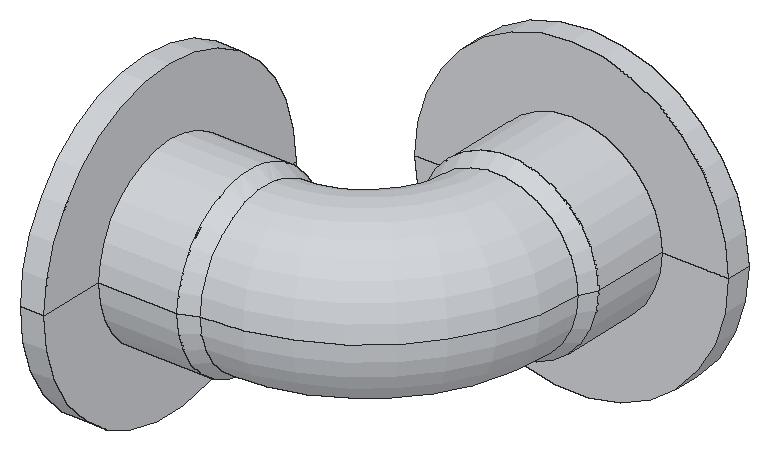
Revit family "9e881e3c852d4eee848a55ae0a176853", category Pipe Fittings, Revit 2021
Family settings
  Round Connector Dimension = Use Radius
  Part Type = Elbow
  OmniClass Number = 23.60.30.11.14
  OmniClass Title = Pipework Fittings
  Seek Item ID = Elbow - Threaded - MI - Class 300-0000-USA-ENU
  Work Plane-Based = No
  Always vertical = Yes
  Cut with Voids When Loaded = No
  Shared = No
Parameters (values of type "Standard")
  Tick Size [instance] = Fitting Outside Diameter * 0.4  # 1.5840"
  Socket Outside Radius [instance] = Socket Outside Diameter / 2  # 2.1750"
  Socket Outside Diameter [instance] = size_lookup(Lookup Table Name, "SOD", 1.08 * Nominal Diameter + 1.1200", Nominal Diameter)  # 4.3500"
  Socket Depth [instance] = if(Nominal Diameter < 14.0000", 2.5000", if(Nominal Diameter < 30.0000", 3.5000", 4.0000"))  # 2.5000"
  Lookup Table Name = "Bend Compact - MJ - DI - Class 350"
  Length 5 [instance] = Bevel Length + Socket Depth  # 2.8900"
  Length 3 [instance] = sin(Angle) * (Center to Socket Bottom + Socket Depth)  # 6.0000"
  Length 1 [instance] = Center to Socket Bottom - Bevel Length  # 3.1100"
  Lenght 2 [instance] = cos(Angle) * (Center to Socket Bottom + Socket Depth)  # 0.0000"
  Gland Width [instance] = size_lookup(Lookup Table Name, "GWid", 0.03 * Nominal Diameter + 0.9400", Nominal Diameter)  # 0.5800"
  Gland Outside Radius [instance] = Gland Outside Diameter / 2  # 3.8100"
  Gland Outside Diameter [instance] = size_lookup(Lookup Table Name, "GOD", 1.16 * Nominal Diameter + 4.0300", Nominal Diameter)  # 7.6200"
  Fitting Outside Radius [instance] = Fitting Outside Diameter / 2  # 1.9800"
  Fitting Outside Diameter [instance] = size_lookup(Lookup Table Name, "FOD", 1.04 * Nominal Diameter + 0.7000", Nominal Diameter)  # 3.9600"
  Nominal Radius [instance] = 1.5000"
  Nominal Diameter [instance] = Nominal Radius * 2  # 3.0000"
  Loss Method = K Coefficient from Table
  K Coefficient Table = "Long Radius Elbow"
  Default Elevation = 0.0000"
  Center to Socket Bottom [instance] = size_lookup(Lookup Table Name, "CtSB", Center to Socket Bottom Not Found, Nominal Diameter, Angle)  # 3.5000"
  Center to Socket Bottom Not Found [instance] = if(Angle < 11.25°, 0.1 * Nominal Diameter + 0.9000", if(Angle < 45.00°, 0.27 * Nominal Diameter + 0.9900", 0.68 * Nominal Diameter + 1.2500"))  # 3.2900"
  Center Radius [instance] = Length 1 / tan(Angle / 2)  # 3.1100"
  Bevel Length [instance] = size_lookup(Lookup Table Name, "BvLgt", 0.04 * Nominal Diameter + 0.4300", Nominal Diameter)  # 0.3900"
  Assembly Code = ""
  Angle [instance] = 90.00°
Reference planes (in)
  plane 1 "Center (Front/Back)": y = 0
  plane 2: z = 0
  plane 3 "Center (Left/Right)": x = 0
  plane 4: x = -3.11
  plane 5: x = -3.11
  plane 6: y = 3.11
  plane 7: y = 1.584
  plane 8: y = -1.584
  plane 9: x = 0
  plane 10: y = 6
  plane 11: x = -6
  plane 12: x = -5.42
  plane 13: y = 3.81
  plane 14: y = 2.175
  plane 15: y = 1.98
  plane 16: x = -3.5
Forms (in)
  Revolve 1, solid, detail levels fine
    sketch origin (0, 6, 0) x (0, -1, 0) y (1, 0, 0)
      loop
        line (0, 0) -> (0, -3.81) -> (0.58, -3.81) -> (0.58, -2.175) -> (2.5, -2.175) -> (2.89, -1.98) -> (2.89, 0) -> (0, 0)
      axis (0, 0) -> (2.89, 0)
    angle from 0 to 360
  Revolve 2, solid, detail levels fine
    sketch origin (0, 0, 0) x (1, 0, 0) y (0, 1, 0)
      loop
        line (-6, 0) -> (-3.11, 0) -> (-3.11, 1.98) -> (-3.5, 2.175) -> (-5.42, 2.175) -> (-5.42, 3.81) -> (-6, 3.81) -> (-6, 0)
      axis (-6, 0) -> (-3.11, 0)
    angle from 0 to 360
  Sweep 3, solid, detail levels fine
    path origin (0, 0, 0) x (1, 0, 0) y (0, 1, 0)
      loop
        arc (-3.11, 0) -> (-0.9109, 0.9109) -> (0, 3.11) r 3.11
    profile origin (-3.11, 0, 0) x (0, 1, 0) y (0, 0, 1)
      loop
        circle (0, 0) r 1.98
Cuts and joins
  joined: Revolve 1, Revolve 2, Sweep 3
Lines and regions (in)
  model lines, style "PipeFitting", detail levels coarse+medium
    curve 1: line (-6, 0, 0) -> (-3.11, 0, 0)
    curve 2: arc (-3.11, 0, 0) -> (-0.9109, 0.9109, 0) -> (0, 3.11, 0) r 3.11
    curve 6: line (0, 6, 0) -> (0, 3.11, 0)
  model lines, detail levels coarse+medium
    curve 3: line (-6, 0, 0) -> (-6, 1.584, 0)
    curve 4: line (-6, 0, 0) -> (-6, -1.584, 0)
    curve 7: line (1.584, 6, 0) -> (-1.584, 6, 0)
  reference lines, not visible
    curve 5: line (0, 6, 0) -> (0, -1.31472, 0)
Dimensions and locks (in)
  "Center Radius": plane 6 to plane 1 "Center (Front/Back)"
  "Tick Size": plane 7 to plane 1 "Center (Front/Back)"
  "Tick Size": plane 8 to plane 1 "Center (Front/Back)"
  "Socket Outside Radius": Revolve 1 sketch curve to Revolve 1 sketch curve
  "Gland Width": Revolve 1 sketch curve to Revolve 1 sketch curve
  "Fitting Outside Radius": Revolve 1 sketch curve to Revolve 1 sketch curve
  "Gland Outside Radius": Revolve 1 sketch curve to Revolve 1 sketch curve
  "Socket Depth": Revolve 1 sketch curve to Revolve 1 sketch curve
  "Length 1": plane 4 to plane 3 "Center (Left/Right)"
  "Length 3": plane 10 to plane 1 "Center (Front/Back)"
  "Gland Width": plane 11 to plane 12
  "Fitting Outside Radius": plane 15 to plane 1 "Center (Front/Back)"
  "Socket Outside Radius": plane 14 to plane 1 "Center (Front/Back)"
  "Gland Outside Radius": plane 13 to plane 1 "Center (Front/Back)"
  "Bevel Length": plane 16 to plane 5
  "Socket Depth": plane 11 to plane 16
  "Center to Socket Bottom": plane 16 to plane 3 "Center (Left/Right)"
  "Lenght 2": plane 3 "Center (Left/Right)" to plane 9
  "Length 5": Revolve 1 sketch curve to Revolve 1 sketch curve
  "Length 5": curve 6 to curve 6
  "Tick Size": curve 7 to curve 6
  "Tick Size": curve 6 to curve 7
  "Center Radius": radius of curve 2
  "Center Radius": radius of Sweep 3 sketch curve
  "Fitting Outside Radius": radius of Sweep 3 sketch curve
  "Angle": angle curve 2 to curve 2
  "Angle": angle plane 10 to curve 5
  "Angle": angle Sweep 3 sketch curve to Sweep 3 sketch curve
  locked: curve 6 to curve 7 (angle 90.00°)
  aligned and locked: plane 4 to curve 2
  aligned and locked: plane 7 to curve 3
  aligned and locked: plane 1 "Center (Front/Back)" to curve 4
  aligned and locked: plane 8 to curve 4
  aligned and locked: plane 9 to curve 5
  aligned and locked: plane 10 to curve 5
  aligned and locked: Revolve 1 sketch curve to curve 5
  aligned and locked: curve 4 to plane 11
  aligned and locked: plane 13 to Revolve 2 sketch curve
  aligned and locked: plane 11 to Revolve 2 sketch curve
  aligned and locked: Revolve 2 sketch curve to plane 12
  aligned and locked: plane 14 to Revolve 2 sketch curve
  aligned and locked: plane 16 to Revolve 2 sketch curve
  aligned and locked: Revolve 2 sketch curve to plane 5
  aligned and locked: plane 6 to Sweep 3 sketch curve
  aligned and locked: plane 5 to Sweep 3 sketch curve
  aligned and locked: curve 6 to curve 5
Automatic sketch dimensions
  plane 1 "Center (Front/Back)" to Revolve 2 sketch curve = 0.0000"  (x2)
  Revolve 2 sketch curve to plane 4 = 0.0000"
  Revolve 2 sketch curve to plane 11 = 0.7500"
  plane 15 to Revolve 2 sketch curve = 0.0000"
  Revolve 1 sketch curve to curve 5 = 0.0000"  (x2)
  Revolve 1 sketch curve to Revolve 1 sketch curve = 1.0000"
  Revolve 1 sketch curve to Revolve 1 sketch curve = 0.78127"
  Sweep 3 sketch curve to level = 0.0000"
  Sweep 3 sketch curve to profile plane = 0.0000"
Connectors (in)
  piping at (-6, 0, 0), diameter 3, driven by "Angle", driven by "Nominal Radius"
    settings: on Revolve 2, index 1, connector inside diameter 3.0000", connector length 0.0000", flow factor 0, pipe flow 0 GPM, pressure drop 0.00 psi, fitting loss kfactor 0, connector angle 90.00°, fixture units 0, engagement length 0.0000", angle of deflection 0.00°, flow configuration 0, flow direction 0, fitting loss method 0, system type 28, joint type 0, gender type 0, connector reference index 2, connector utility 0, adjustable connector no, is connector primary yes, connector description ""
  piping at (0, 6, 0), diameter 3, driven by "Angle", driven by "Nominal Radius"
    settings: on Revolve 1, index 2, connector inside diameter 3.0000", connector length 0.0000", flow factor 0, pipe flow 0 GPM, pressure drop 0.00 psi, fitting loss kfactor 0, connector angle 90.00°, fixture units 0, engagement length 0.0000", angle of deflection 0.00°, flow configuration 0, flow direction 0, fitting loss method 0, system type 28, joint type 0, gender type 0, connector reference index 1, connector utility 0, adjustable connector no, is connector primary no, connector description ""
